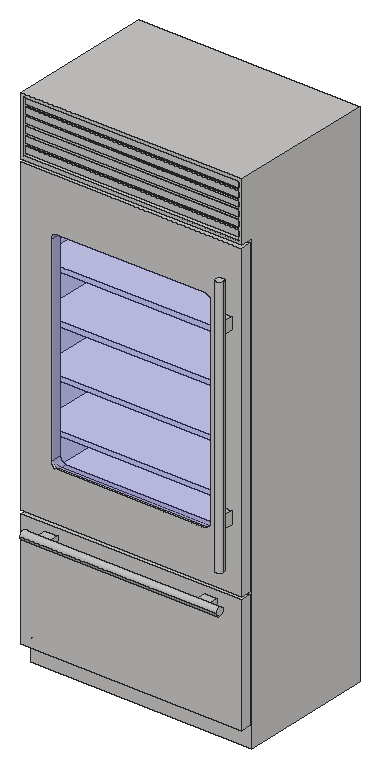
Revit family "24138100423d4bb8bb626908b1581ab6", category Specialty Equipment, Revit 2021
Family settings
  Round Connector Dimension = Use Diameter
  Part Type = Normal
  OmniClass Number = 23.40.40.14
  OmniClass Title = Food Service Equipment
  Work Plane-Based = No
  Always vertical = Yes
  Cut with Voids When Loaded = No
  Shared = No
  Room Calculation Point = No
Parameters (values of type "36" LH")
  Width = 3' - 0"
  Wall Offset = 0' - 4"
  Voltage = 120 V
  Show Label = yes
  RH = no
  Power Consumption = 1000 VA
  Label = "Refrigerator"
  LH = not(RH)  # yes
  Interior Finish = Appliance - Plastic - White
  Height = 7' - 0"
  Handle Centerline = if(RH, 0' 2", (Width - 0' 2"))  # 2' - 10"
  Glass = Appliance - Glass
  Gasket = Appliance - Gasket
  Description = "Over-and-Under Glass Door Refrigerator"
  Depth = 2' - 0"
  Default Elevation = 0' - 0"
  Assembly Code = "E1090320"
  Appliance Finish = Appliance - Stainless Steel
  Amperage = Power Consumption / Voltage  # 8.33333 A
Types (2): name | RH | LH | Handle Centerline
  36" LH | no | yes | 2' - 10"
  36" RH | yes | no | 0' - 2"
Reference planes (in)
  plane 1 "Back": y = 0
  plane 2: z = 0
  plane 3 "Center (Left/Right)": x = 0
  plane 4 "Left": x = -18
  plane 5 "Right": x = 18
  plane 6: y = -4
  plane 7 "Front": y = -28
  plane 8 "Door Back": y = -26
  plane 9 "Top": z = 84
  plane 10 "B.O. Door": z = 3.5
  plane 11: z = 74.375
  plane 12: x = 16
  plane 13: z = 69.375
  plane 14: z = 27
  plane 15: z = 23
  plane 16: z = 21
  plane 17: z = 59.375
  plane 18: z = 51.375
  plane 19: z = 43.375
  plane 20: z = 35.375
Forms (in)
  Extrusion 1, solid, material "Appliance - Stainless Steel" <- "Appliance Finish"
    sketch origin (0, 0, 0) x (1, 0, 0) y (0, 1, 0)
      loop
        line (-18, -4) -> (-18, -26) -> (18, -26) -> (18, -4) -> (-18, -4)
    from 0 to 84
  Extrusion 2, solid, material "Appliance - Stainless Steel" <- "Appliance Finish"
    sketch origin (0, -28, 0) x (-1, 0, 0) y (0, 0, 1)
      loop
        line (18, 84) -> (-18, 84) -> (-18, 74.375) -> (18, 74.375) -> (18, 84)
      loop
        line (17.5, 83.5) -> (-17.5, 83.5) -> (-17.5, 74.875) -> (17.5, 74.875) -> (17.5, 83.5)
    from 0 to 2
  Extrusion 3, solid, material "Appliance - Stainless Steel" <- "Appliance Finish"
    sketch origin (0, 0, 0) x (0, 1, 0) y (0, 0, 1)
      loop
        line (-26, 75.00892) -> (-27.75, 75.47783) -> (-27.75, 76.3774) -> (-27.875, 76.3774) -> (-27.875, 75.3774) -> (-26, 74.875) -> (-26, 75.00892)
      loop
        line (-26, 76.43344) -> (-27.75, 76.90235) -> (-27.75, 77.80192) -> (-27.875, 77.80192) -> (-27.875, 76.80192) -> (-26, 76.29952) -> (-26, 76.43344)
      loop
        line (-26, 77.85796) -> (-27.75, 78.32687) -> (-27.75, 79.22644) -> (-27.875, 79.22644) -> (-27.875, 78.22644) -> (-26, 77.72404) -> (-26, 77.85796)
      loop
        line (-26, 79.28248) -> (-27.75, 79.75139) -> (-27.75, 80.65096) -> (-27.875, 80.65096) -> (-27.875, 79.65096) -> (-26, 79.14856) -> (-26, 79.28248)
      loop
        line (-26, 80.707) -> (-27.75, 81.17591) -> (-27.75, 82.07548) -> (-27.875, 82.07548) -> (-27.875, 81.07548) -> (-26, 80.57308) -> (-26, 80.707)
      loop
        line (-26, 82.13151) -> (-27.75, 82.60043) -> (-27.75, 83.5) -> (-27.875, 83.5) -> (-27.875, 82.5) -> (-26, 81.9976) -> (-26, 82.13151)
    from -17.5 to 17.5
  Extrusion 4, solid, material "Appliance - Stainless Steel" <- "Appliance Finish", detail levels fine
    sketch origin (0, -28, 0) x (-1, 0, 0) y (0, 0, 1)
      loop
        line (-15.625, 63.375) -> (-16.375, 63.375) -> (-16.375, 61.375) -> (-15.625, 61.375) -> (-15.625, 63.375)
      loop
        line (-15.625, 35) -> (-16.375, 35) -> (-16.375, 33) -> (-15.625, 33) -> (-15.625, 35)
    from -1.67554 to 0
  Extrusion 5, solid, material "Appliance - Stainless Steel" <- "Appliance Finish", detail levels fine
    sketch origin (0, 0, 0) x (1, 0, 0) y (0, 1, 0)
      loop
        circle (16, -30.01473) r 0.625
    from 27 to 69.375
  Extrusion 6, solid, material "Appliance - Stainless Steel" <- "Appliance Finish"
    sketch origin (0, -28, 0) x (-1, 0, 0) y (0, 0, 1)
      loop
        line (18, 73.875) -> (-18, 73.875) -> (-18, 23) -> (18, 23) -> (18, 73.875)
      loop
        line (18, 22.5) -> (-18, 22.5) -> (-18, 3.5) -> (18, 3.5) -> (18, 22.5)
      loop
        line (12, 65.375) -> (-12, 65.375)
        arc (-12, 65.375) -> (-12.70711, 65.08211) -> (-13, 64.375) r 1
        line (-13, 64.375) -> (-13, 32)
        arc (-13, 32) -> (-12.70711, 31.29289) -> (-12, 31) r 1
        line (-12, 31) -> (12, 31)
        arc (12, 31) -> (12.70711, 31.29289) -> (13, 32) r 1
        line (13, 32) -> (13, 64.375)
        arc (13, 64.375) -> (12.70711, 65.08211) -> (12, 65.375) r 1
    from 0 to 1.75
  Extrusion 7, solid, material "Appliance - Stainless Steel" <- "Appliance Finish", detail levels fine
    sketch origin (0, -28, 0) x (-1, 0, 0) y (0, 0, 1)
      loop
        line (14, 21.375) -> (12, 21.375) -> (12, 20.625) -> (14, 20.625) -> (14, 21.375)
      loop
        line (-14, 21.375) -> (-14, 20.625) -> (-12, 20.625) -> (-12, 21.375) -> (-14, 21.375)
    from 0 to -1.67578
  Extrusion 8, solid, material "Appliance - Stainless Steel" <- "Appliance Finish", detail levels fine
    sketch origin (0, 0, 0) x (0, 1, 0) y (0, 0, 1)
      loop
        circle (-30.01473, 21) r 0.625
    from -16 to 16
  Sweep 9, solid, material "Appliance - Gasket" <- "Gasket", detail levels fine
    path in 3D
      loop
        line (-18, -28, 73.875) -> (-18, -28, 23) -> (18, -28, 23) -> (18, -28, 73.875) -> (-18, -28, 73.875)
    profile origin (0, -28, 73.875) x (0, -1, 0) y (0, 0, 1)
      loop
        arc (-1.75, -0.125) -> (-1.875, 0) -> (-2, -0.125) r 0.125
        line (-2, -0.125) -> (-2, -0.25) -> (-1.75, -0.25) -> (-1.75, -0.125)
  Sweep 10, solid, material "Appliance - Gasket" <- "Gasket", detail levels fine
    path in 3D
      loop
        line (-18, -28, 22.5) -> (-18, -28, 3.5) -> (18, -28, 3.5) -> (18, -28, 22.5) -> (-18, -28, 22.5)
    profile origin (0, -28, 22.5) x (0, -1, 0) y (0, 0, 1)
      loop
        arc (-1.75, -0.125) -> (-1.875, 0) -> (-2, -0.125) r 0.125
        line (-2, -0.125) -> (-2, -0.25) -> (-1.75, -0.25) -> (-1.75, -0.125)
  Extrusion 11, solid, material "Appliance - Glass" <- "Glass"
    sketch origin (0, -28, 0) x (-1, 0, 0) y (0, 0, 1)
      loop
        line (12, 65.375) -> (-12, 65.375)
        arc (-12, 65.375) -> (-12.70711, 65.08211) -> (-13, 64.375) r 1
        line (-13, 64.375) -> (-13, 32)
        arc (-13, 32) -> (-12.70711, 31.29289) -> (-12, 31) r 1
        line (-12, 31) -> (12, 31)
        arc (12, 31) -> (12.70711, 31.29289) -> (13, 32) r 1
        line (13, 32) -> (13, 64.375)
        arc (13, 64.375) -> (12.70711, 65.08211) -> (12, 65.375) r 1
    from 0.25 to 0.74912
  Extrusion 12, solid, material "Appliance - Plastic - White" <- "Interior Finish", detail levels fine
    sketch origin (0, -26, 0) x (-1, 0, 0) y (0, 0, 1)
      loop
        line (17, 59.375) -> (-17, 59.375) -> (-17, 58.625) -> (17, 58.625) -> (17, 59.375)
      loop
        line (17, 51.375) -> (-17, 51.375) -> (-17, 50.625) -> (17, 50.625) -> (17, 51.375)
      loop
        line (17, 43.375) -> (-17, 43.375) -> (-17, 42.625) -> (17, 42.625) -> (17, 43.375)
      loop
        line (17, 35.375) -> (-17, 35.375) -> (-17, 34.625) -> (17, 34.625) -> (17, 35.375)
    from 0 to 21
  Extrusion 13, void
    sketch origin (0, -26, 0) x (-1, 0, 0) y (0, 0, 1)
      loop
        line (17, 74.375) -> (-17, 74.375) -> (-17, 27) -> (17, 27) -> (17, 74.375)
    from 0 to 21
Cuts and joins
  Extrusion 13 cuts Extrusion 1
  Extrusion 13 cuts Extrusion 2
  joined: Extrusion 1, Extrusion 2
  joined: Extrusion 4, Extrusion 5
  joined: Extrusion 7, Extrusion 8
  Extrusion 13 cuts Sweep 9
Lines and regions (in)
  Split face 1
    outline origin (-18, -4, 0) x (1, 0, 0) y (0, 0, -1)
      loop
        circle (30, -78) r 2
  Split face 2
    outline origin (-18, -4, 0) x (1, 0, 0) y (0, 0, -1)
      loop
        circle (18, -3.5) r 2
  Masking region 1
    outline origin (0, 0, 0) x (1, 0, 0) y (0, 1, 0)
      loop
        line (-18, -4) -> (-18, -28) -> (18, -28) -> (18, -4) -> (-18, -4)
  Masking region 2, detail levels fine
    outline origin (0, 0, 0) x (1, 0, 0) y (0, 1, 0)
      loop
        line (16.375, -29.51473) -> (16.375, -28) -> (15.625, -28) -> (15.625, -29.51473)
        arc (15.625, -29.51473) -> (15.44098, -29.73522) -> (15.375, -30.01473) r 0.625
        arc (15.375, -30.01473) -> (16, -30.63973) -> (16.625, -30.01473) r 0.625
        arc (16.625, -30.01473) -> (16.55902, -29.73522) -> (16.375, -29.51473) r 0.625
  symbolic lines, style "Appliances - Plan Swing", visible <- "LH", detail levels medium+fine
    curve 1: arc (18, -28, 0) -> (7.45584, -53.45584, 0) -> (-18, -64, 0) r 36
    curve 2: line (-18, -28, 0) -> (-18, -64, 0)
  symbolic lines, style "Appliances - Plan Swing", visible <- "RH", detail levels medium+fine
    curve 3: arc (-18, -28, 0) -> (-7.45584, -53.45584, 0) -> (18, -64, 0) r 36
    curve 4: line (18, -64, 0) -> (18, -28, 0)
  sketch lines
    curve 5: line (18, -28, 73.875) -> (-18, -28, 73.875)
    curve 6: line (18, -28, 23) -> (18, -28, 73.875)
    curve 7: line (-18, -28, 23) -> (18, -28, 23)
    curve 8: line (-18, -28, 73.875) -> (-18, -28, 23)
    curve 9: line (18, -28, 22.5) -> (-18, -28, 22.5)
    curve 10: line (18, -28, 3.5) -> (18, -28, 22.5)
    curve 11: line (-18, -28, 3.5) -> (18, -28, 3.5)
    curve 12: line (-18, -28, 22.5) -> (-18, -28, 3.5)
  symbolic lines, style "Appliances"
    curve 13: line (-18, -4, 0) -> (18, -4, 0)
    curve 14: line (-18, -28, 0) -> (-18, -4, 0)
    curve 15: line (18, -28, 0) -> (-18, -28, 0)
    curve 16: line (18, -4, 0) -> (18, -28, 0)
    curve 17: line (-18, -26, 0) -> (18, -26, 0)
  symbolic lines, style "Appliances", detail levels fine
    curve 18: arc (15.375, -30.01473, 0) -> (16, -30.63973, 0) -> (16.625, -30.01473, 0) r 0.625
    curve 19: arc (16.625, -30.01473, 0) -> (16, -29.38973, 0) -> (15.375, -30.01473, 0) r 0.625
    curve 20: line (16.375, -29.51473, 0) -> (16.375, -28, 0)
    curve 21: line (15.625, -28, 0) -> (15.625, -29.51473, 0)
Dimensions and locks (in)
  equal spacing: plane 4 "Left", plane 3 "Center (Left/Right)", plane 5 "Right"
  "Width": plane 4 "Left" to plane 5 "Right"
  "Depth": plane 6 to plane 7 "Front"
  "Wall Offset": plane 1 "Back" to plane 6
  "Height": plane 9 "Top" to level
  plane 10 "B.O. Door" to level = 0' - 3 1/2"
  locked: plane 8 "Door Back" to plane 7 "Front" at 2
  locked: plane 9 "Top" to plane 11 at 9.625
  locked: cut or joined group of Extrusion 1, Extrusion 2, Extrusion 13 to plane 4 "Left" at 0.5
  locked: plane 5 "Right" to cut or joined group of Extrusion 1, Extrusion 2, Extrusion 13 at 0.5
  locked: plane 11 to plane 13 at 5
  plane 14 to plane 15 = 0' - 4"
  Extrusion 4 sketch curve to plane 12 to Extrusion 4 sketch curve = 0' - 0 3/8" locked, 0' - 0 3/8" locked  (x2)
  plane 13 to Extrusion 4 sketch curve to Extrusion 4 sketch curve = 0' - 6" locked, 0' - 2" locked
  Extrusion 4 sketch curve to Extrusion 4 sketch curve to plane 14 = 0' - 2" locked, 0' - 6" locked
  locked: plane 7 "Front" to Extrusion 5 sketch curve at 2.01473
  locked: Split face 1 sketch curve to plane 9 "Top" at 6
  locked: plane 5 "Right" to Split face 1 sketch curve at 6
  "Handle Centerline": plane 4 "Left" to plane 12
  locked: plane 15 to plane 10 "B.O. Door" at 19.5
  locked: plane 11 to Extrusion 6 sketch curve at 0.5
  locked: plane 15 to Extrusion 6 sketch curve at 0.5
  locked: plane 15 to plane 16 at 2
  Extrusion 7 sketch curve to plane 16 to Extrusion 7 sketch curve = 0' - 0 3/8" locked, 0' - 0 3/8" locked  (x2)
  Extrusion 7 sketch curve to Extrusion 7 sketch curve to plane 4 "Left" = 0' - 2" locked, 0' - 4"
  Extrusion 7 sketch curve to Extrusion 7 sketch curve to plane 5 "Right" = 0' - 2" locked, 0' - 4" locked
  locked: plane 8 "Door Back" to Extrusion 8 sketch curve at 4.01473
  locked: plane 5 "Right" to Extrusion 8 at 2
  locked: Extrusion 8 to plane 4 "Left" at 2
  locked: plane 11 to Sweep 9 sketch curve at 0.75
  locked: plane 15 to Sweep 10 sketch curve at 0.75
  equal spacing: plane 6, nested 1, plane 8 "Door Back"
  locked: plane 5 "Right" to Extrusion 6 sketch curve at 5
  locked: Extrusion 6 sketch curve to plane 4 "Left" at 5
  locked: plane 11 to Extrusion 6 sketch curve at 9
  Extrusion 6 sketch curve to plane 15 = 0' - 8"
  Extrusion 11 to Extrusion 11 to plane 7 "Front" = 0' - 0.49912" locked, 0' - 0 1/4" locked
  equal spacing: plane 17, plane 18, plane 19, plane 20
  plane 17 to Extrusion 12 sketch curve = 0' - 0 3/4"
  locked: plane 18 to Extrusion 12 sketch curve at 0.75
  locked: plane 19 to Extrusion 12 sketch curve at 0.75
  locked: plane 20 to Extrusion 12 sketch curve at 0.75
  locked: plane 20 to plane 14 at 8.375
  plane 13 to plane 17 = 0' - 10"
  locked: Extrusion 13 sketch curve to plane 4 "Left" at 1
  locked: plane 5 "Right" to Extrusion 13 sketch curve at 1
  locked: plane 6 to cut or joined group of Extrusion 1, Extrusion 2, Extrusion 13 at 1
  locked: plane 6 to Extrusion 12 at 1
  "Width": radius of curve 3
  "Width": radius of curve 1
  aligned and locked: plane 2 to level
  aligned and locked: Extrusion 1 sketch curve to plane 6
  aligned and locked: plane 4 "Left" to Extrusion 1 sketch curve
  aligned and locked: plane 8 "Door Back" to Extrusion 1 sketch curve
  aligned and locked: Extrusion 1 sketch curve to plane 5 "Right"
  aligned and locked: plane 9 "Top" to Extrusion 1
  aligned and locked: Extrusion 2 sketch curve to Extrusion 1  (x2)
  aligned and locked: plane 11 to Extrusion 2 sketch curve
  aligned and locked: Extrusion 2 sketch curve to plane 5 "Right"
  aligned and locked: plane 8 "Door Back" to Extrusion 2
  aligned and locked: Extrusion 3 to Extrusion 2  (x2)
  aligned and locked: plane 7 "Front" to Extrusion 4
  aligned and locked: plane 12 to Extrusion 5 sketch curve
  aligned and locked: Extrusion 5 to plane 14
  aligned and locked: plane 13 to Extrusion 5
  aligned and locked: plane 3 "Center (Left/Right)" to Split face 2 sketch curve
  aligned and locked: plane 10 "B.O. Door" to Split face 2 sketch curve
  aligned and locked: plane 13 to cut or joined group of Extrusion 4, Extrusion 5
  aligned and locked: plane 15 to Extrusion 6 sketch curve
  aligned and locked: plane 4 "Left" to Extrusion 6 sketch curve  (x2)
  aligned and locked: Extrusion 6 sketch curve to plane 5 "Right"  (x2)
  aligned and locked: plane 10 "B.O. Door" to Extrusion 6 sketch curve
  aligned and locked: plane 16 to Extrusion 8 sketch curve
  aligned and locked: curve 17 to plane 8 "Door Back"
  aligned and locked: plane 3 "Center (Left/Right)" to nested 1
  aligned and locked: Extrusion 11 sketch curve to Extrusion 6  (x4)
  aligned and locked: plane 17 to Extrusion 12 sketch curve
  aligned and locked: Extrusion 12 sketch curve to plane 20
  aligned and locked: Extrusion 12 sketch curve to plane 19
  aligned and locked: Extrusion 12 sketch curve to plane 18
  aligned and locked: plane 14 to Extrusion 13 sketch curve
  aligned and locked: Extrusion 13 sketch curve to plane 11
  aligned and locked: Masking region 1 sketch curve to plane 5 "Right"
  aligned and locked: Masking region 1 sketch curve to plane 6
  aligned and locked: plane 4 "Left" to Masking region 1 sketch curve
  aligned and locked: plane 7 "Front" to Masking region 1 sketch curve
  aligned and locked: Masking region 2 sketch curve to cut or joined group of Extrusion 4, Extrusion 5  (x5)
Automatic sketch dimensions
  Extrusion 2 sketch curve to plane 5 "Right" = 0' - 0 1/2"
  plane 4 "Left" to Extrusion 2 sketch curve = 0' - 0 1/2"
  plane 11 to Extrusion 2 sketch curve = 0' - 0 1/2"
  Extrusion 2 sketch curve to plane 9 "Top" = 0' - 0 1/2"
  Extrusion 3 sketch curve to plane 8 "Door Back" = 0' - 0"  (x6)
  plane 7 "Front" to Extrusion 3 sketch curve = 0' - 0 1/4"  (x6)
  Extrusion 3 sketch curve to Extrusion 3 sketch curve = 0' - 0 1/8"  (x2)
  plane 7 "Front" to Extrusion 3 sketch curve = 0' - 0 1/8"  (x4)
  plane 11 to Extrusion 3 sketch curve = 0' - 0 1/2"
  Extrusion 3 sketch curve to Extrusion 3 sketch curve = 0' - 0.13392"  (x6)
  plane 11 to Extrusion 3 sketch curve = 0' - 1.0024"
  Extrusion 3 sketch curve to Extrusion 3 sketch curve = 0' - 0.10043"  (x6)
  Extrusion 3 sketch curve to Extrusion 3 sketch curve = 0' - 1.2906"  (x5)
  Extrusion 3 sketch curve to Extrusion 3 sketch curve = 0' - 0.89957"  (x5)
  Extrusion 3 sketch curve to Extrusion 3 sketch curve = 0' - 0.42452"  (x5)
  Extrusion 3 sketch curve to plane 9 "Top" = 0' - 0 1/2"
  profile plane to Sweep 9 sketch curve = 0' - 2"
  Sweep 9 sketch curve to Sweep 9 sketch curve = 0' - 0 1/8"
  Sweep 9 sketch curve to profile plane = 0' - 0 1/8"
  profile plane to Sweep 10 sketch curve = 0' - 2"
  Sweep 10 sketch curve to Sweep 10 sketch curve = 0' - 0 1/8"
  Sweep 10 sketch curve to profile plane = 0' - 0 1/8"
  Extrusion 6 sketch curve to Extrusion 6 sketch curve = 0' - 1"  (x4)
  Extrusion 12 sketch curve to plane 5 "Right" = 0' - 1"  (x4)
  plane 4 "Left" to Extrusion 12 sketch curve = 0' - 1"  (x4)
  Masking region 2 sketch curve to Masking region 2 sketch curve = 0' - 0"
  curve 1 to plane 4 "Left" = 0' - 0"
  curve 21 to plane 7 "Front" = 0' - 0"
  curve 19 to plane 12 = 0' - 0"
  curve 13 to plane 6 = 0' - 0"
  curve 19 to plane 7 "Front" = 0' - 2.01473"
  curve 19 to plane 12 = 0' - 0 5/8"
  curve 21 to plane 12 = 0' - 0 3/8"
  plane 12 to curve 20 = 0' - 0 3/8"
  radius of Extrusion 5 sketch curve = 0' - 0 5/8"
  radius of Split face 1 sketch curve = 0' - 2"
  radius of Split face 2 sketch curve = 0' - 2"
  radius of Extrusion 8 sketch curve = 0' - 0 5/8"
Nested families (in)
  nested 1: "Label Annotation 3-32" at (0, -15, 0), visible <- "Show Label", type "Label Annotation 3-32"
Connectors (in)
  electrical at (12, -4, 78), driven by "Voltage", driven by "Power Consumption"
    settings: on Extrusion 1, index 1, voltage 120 V, apparent load 1000 VA, apparent load phase1 0 VA, apparent load phase2 0 VA, apparent load phase3 0 VA, power factor 1, load classification "Appliance", number of poles 1, system type 30, power factor state 1, is connector primary yes, connector utility no, sub classification motor no, connector description "Refrigerator Power"
  piping at (0, -4, 3.5), diameter 0.25
    settings: on Extrusion 1, index 2, connector inside diameter 24", connector length 0' - 0", flow factor 0, pipe flow 0 GPM, pressure drop 0.00 psi, fitting loss kfactor 0, connector angle 0.00°, fixture units 1, engagement length 0' - 0", angle of deflection 0.00°, flow configuration 3, flow direction 1, fitting loss method 0, system type 20, joint type 0, gender type 0, connector reference index -1, connector utility 0, adjustable connector no, is connector primary yes, connector description "Ice - Water Supply"
Definition of nested family "Label Annotation 3-32"
  Parameters
    Label = "Freezer 36 LH"
  Reference planes (in)
    plane 1: y = 0
    plane 2: x = 0
  Text (in)
    label "Label" at (0.00375, -0.00345, 0), shows "Label"
